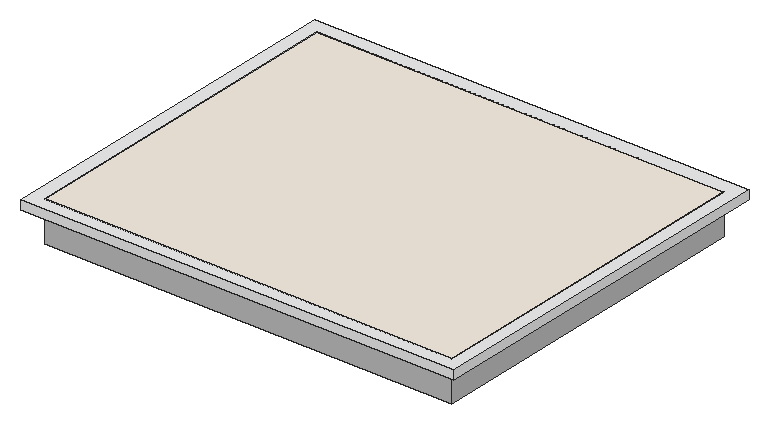
Revit family "Lighting-Industrial-GEWISS-ELIA-HL-LED_HIGHBAY", category Apparecchi per illuminazione, host Superficie, Revit 2019 (continued)
Types (12, lengths in mm): name | Weight (kg): | Weight (kg) | Voltage | Technical sheet | System power | Optic | built-in parameter 1150142 | Lumen output (lm) | Model | IDT | File diagramma fotometrico | Description
     4562.15 4416.81 4273.16 4132.89 3996.85 \r\n3863.34 3734.90 3611.53 3489.85 3367.32 3246.49 3129.03 \r\n3017.49 2910.18 2806.24 2703.15 2602.60 2502.89 2407.40 \r\n2317.84 2231.64 2147.99 2068.56 1990.82 1914.77 1842.10 \r\n1772.81 1704.36 1639.72 1576.35 1515.17 1456.61 1400.42 \r\n1346.85 1295.13 1244.52 1195.84 1149.96 1106.11 1063.26 \r\n1021.86 981.64 943.19 906.94 872.38 838.49 806.13 775.63 \r\n746.73 719.26 692.73 666.62 641.19 616.60 593.36 571.73 \r\n551.45 531.93 513.08 494.92 476.92 458.92 440.84 422.58 \r\n405.09 389.63 375.18 361.49 348.22 335.04 321.78 308.00 \r\n294.40 281.30 269.13 259.08 250.54 244.46 238.71 231.19 \r\n222.74 213.36 203.39 193.00 182.18 171.37 159.84 146.68 \r\n133.15 120.63 107.86 93.63 79.18 65.32 52.15 39.83 28.98 \r\n20.42 13.73 8.89 5.62 3.58 2.89 \r\n12448.54 12447.69 12442.62 12435.86 12424.88 12410.51 \r\n12393.61 12375.87 12354.74 12331.08 12304.04 12273.62 \r\n12241.51 12206.87 12172.22 12135.04 12096.17 12055.61 \r\n12011.67 11966.04 11918.72 11867.18 11814.79 11758.17 \r\n11699.87 11639.87 11576.50 11512.28 11444.68 11374.54 \r\n11304.41 11230.89 11154.84 11076.26 10996.83 10914.86 \r\n10832.06 10747.56 10660.52 10573.48 10483.07 10391.81 \r\n10295.48 10193.23 10085.92 9974.38 9858.61 9737.78 \r\n9611.03 9481.74 9349.08 9212.19 9071.92 8926.58 8774.48 \r\n8611.39 8439.01 8256.49 8068.90 7881.31 7688.65 7492.61 \r\n7293.19 7092.08 6894.35 6706.76 6523.40 6346.80 6173.57 \r\n6003.72 5836.41 5668.26 5501.80 5339.55 5180.69 5020.14 \r\n4863.82 4709.18 4558.77 4413.43 4269.78 4129.51 3991.78 \r\n3859.11 3729.83 3606.46 3484.78 3362.25 3242.26 3126.50 \r\n3015.80 2908.49 2804.55 2702.31 2601.75 2502.89 2407.40 \r\n2318.68 2232.49 2149.68 2070.25 1992.51 1917.30 1845.48 \r\n1774.50 1707.74 1642.76 1579.73 1518.97 1460.50 1404.39 \r\n1350.23 1297.92 1246.80 1197.70 1151.65 1107.54 1064.62 \r\n1022.96 982.65 944.03 907.78 873.14 839.51 807.31 776.72 \r\n747.57 720.11 693.41 667.38 642.03 617.36 593.87 572.06 \r\n551.53 531.59 512.75 494.92 477.51 459.51 441.34 422.92 \r\n405.18 389.63 375.26 361.58 348.31 335.04 321.78 308.09 \r\n294.65 281.47 269.39 258.99 250.29 243.87 237.87 230.52 \r\n222.15 212.86 202.80 192.15 181.08 170.15 158.63 145.50 \r\n132.00 119.42 106.62 92.45 78.12 64.41 51.44 39.39 28.78 \r\n20.33 13.70 8.88 5.60 3.56 2.87 \r\n12448.54 12447.69 12442.62 12435.86 12424.88 12410.51 \r\n12394.46 12375.87 12355.59 12331.93 12305.73 12274.47 \r\n12242.36 12208.56 12173.91 12136.73 12097.02 12056.46 \r\n12013.36 11968.58 11920.41 11868.87 11815.63 11760.71 \r\n11702.41 11642.41 11579.03 11514.81 11447.22 11378.77 \r\n11307.79 11234.27 11159.07 11081.33 11001.06 10919.93 \r\n10837.12 10751.78 10664.74 10576.86 10488.14 10395.19 \r\n10299.70 10198.31 10090.99 9980.29 9864.53 9743.69 \r\n9617.79 9488.50 9355.84 9218.95 9078.68 8934.18 8782.08 \r\n8620.69 8449.15 8267.48 8079.04 7888.92 7696.26 7498.53 \r\n7297.42 7095.47 6896.04 6705.92 6522.55 6345.10 6171.88 \r\n6002.03 5833.88 5665.72 5498.41 5336.17 5175.63 5016.77 \r\n4860.44 4705.80 4554.55 4408.36 4265.56 4124.44 3987.55 \r\n3854.05 3724.76 3600.55 3479.71 3358.03 3238.88 3123.12 \r\n3012.42 2905.95 2802.02 2700.62 2600.06 2502.89 2408.25 \r\n2318.68 2233.34 2151.37 2071.94 1994.20 1919.84 1847.17 \r\n1777.88 1710.28 1645.72 1583.02 1522.61 1464.47 1408.19 \r\n1353.69 1300.62 1249.08 1199.65 1153.26 1108.98 1065.80 \r\n1024.06 983.58 944.88 908.54 873.90 840.44 808.33 777.74 \r\n748.50 720.70 694.08 668.06 642.79 618.03 594.37 572.32 \r\n551.53 531.34 512.32 495.00 478.10 460.10 441.77 423.09 \r\n405.18 389.71 375.35 361.66 348.31 334.96 321.61 308.09 \r\n294.74 281.72 269.64 258.99 249.95 243.19 237.02 229.67 \r\n221.56 212.35 202.29 191.31 180.07 169.03 157.42 144.33 \r\n130.89 118.23 105.37 91.27 77.06 63.50 50.71 38.94 28.60 \r\n20.26 13.68 8.86 5.57 3.54 2.86 \r\n12448.54 12447.69 12442.62 12435.02 12424.88 12410.51 \r\n12394.46 12376.72 12356.43 12332.77 12305.73 12276.16 \r\n12243.20 12209.40 12174.76 12137.58 12098.71 12058.15 \r\n12014.21 11969.42 11922.10 11870.56 11818.17 11762.40 \r\n11704.09 11644.94 11581.57 11517.35 11451.44 11382.15 \r\n11312.01 11238.50 11164.14 11085.56 11005.28 10923.31 \r\n10840.50 10755.16 10668.97 10581.09 10491.52 10399.41 \r\n10304.77 10202.53 10096.06 9985.36 9870.44 9748.76 \r\n9623.70 9494.42 9361.75 9225.71 9085.44 8940.94 8790.53 \r\n8629.14 8459.30 8276.77 8088.34 7897.37 7703.86 7504.44 \r\n7302.49 7098.00 6896.89 6705.07 6520.86 6343.41 6170.19 \r\n6000.34 5830.50 5661.50 5495.03 5332.80 5171.40 5011.69 \r\n4855.37 4701.58 4551.17 4404.98 4262.18 4121.06 3982.48 \r\n3848.97 3719.69 3595.47 3474.64 3353.80 3234.66 3120.59 \r\n3010.73 2904.26 2799.48 2698.09 2599.22 2502.05 2408.25 \r\n2319.52 2234.18 2151.37 2072.78 1995.04 1921.53 1849.70 \r\n1780.41 1712.81 1648.43 1586.23 1526.15 1468.27 1411.91 \r\n1356.90 1303.24 1251.28 1201.34 1154.78 1110.33 1066.90 \r\n1024.98 984.42 945.55 909.22 874.57 841.28 809.26 778.50 \r\n749.18 721.29 694.59 668.65 643.38 618.62 594.71 572.49 \r\n551.45 531.00 511.82 495.00 478.52 460.52 442.10 423.26 \r\n405.26 389.71 375.35 361.66 348.31 334.79 321.44 308.09 \r\n294.90 281.89 269.72 258.99 249.61 242.43 235.92 228.83 \r\n220.88 211.76 201.79 190.63 178.97 167.84 156.22 143.20 \r\n129.83 117.08 104.13 90.09 76.02 62.60 50.01 38.51 28.41 \r\n20.20 13.65 8.85 5.55 3.52 2.84 \r\n12448.54 12446.85 12442.62 12435.02 12424.88 12410.51 \r\n12394.46 12376.72 12356.43 12333.62 12306.58 12277.00 \r\n12244.89 12211.09 12176.45 12138.42 12099.56 12058.15 \r\n12015.06 11971.11 11922.95 11872.25 11819.86 11764.93 \r\n11706.63 11646.63 11584.95 11519.88 11453.97 11385.53 \r\n11315.39 11242.72 11167.52 11089.78 11009.50 10928.38 \r\n10843.88 10759.38 10672.35 10584.47 10494.90 10403.64 \r\n10309.00 10207.60 10101.13 9991.28 9875.51 9754.68 \r\n9628.77 9501.18 9368.51 9231.63 9092.20 8947.70 8797.29 \r\n8637.59 8467.74 8285.22 8096.79 7904.97 7709.78 7509.51 \r\n7306.72 7099.69 6896.89 6705.07 6519.17 6340.88 6167.65 \r\n5996.12 5827.12 5658.12 5490.81 5327.72 5165.48 5007.47 \r\n4850.30 4696.51 4546.94 4400.76 4258.80 4116.84 3978.26 \r\n3843.90 3713.77 3590.40 3469.57 3349.58 3230.43 3117.20 \r\n3008.20 2900.88 2796.10 2695.55 2597.53 2500.35 2408.25 \r\n2319.52 2234.18 2151.37 2072.78 1996.73 1922.37 1851.39 \r\n1782.10 1715.35 1650.88 1589.02 1529.37 1471.65 1415.37 \r\n1359.86 1305.69 1253.22 1203.03 1156.13 1111.34 1067.74 \r\n1025.66 984.93 945.98 909.56 874.91 841.87 810.10 779.26 \r\n749.77 721.71 694.93 669.07 643.97 619.05 595.05 572.49 \r\n551.19 530.49 511.31 494.92 478.86 460.95 442.44 423.43 \r\n405.26 389.63 375.26 361.58 348.14 334.62 321.27 307.92 \r\n294.99 282.06 269.81 258.82 249.11 241.67 235.08 227.81 \r\n220.12 211.25 201.28 189.79 177.96 166.66 155.02 142.10 \r\n128.81 115.98 102.93 88.94 74.99 61.72 49.31 38.09 28.25 \r\n20.13 13.63 8.83 5.53 3.50 2.82 \r\n12448.54 12446.85 12442.62 12435.02 12424.88 12411.36 \r\n12395.31 12377.56 12357.28 12334.47 12307.42 12277.85 \r\n12245.74 12211.94 12176.45 12140.11 12100.40 12058.99 \r\n12016.74 11971.11 11924.64 11873.94 11821.55 11766.62 \r\n11708.32 11649.17 11588.33 11524.11 11457.35 11388.91 \r\n11317.93 11246.10 11170.90 11093.16 11013.73 10931.76 \r\n10848.11 10762.76 10676.57 10587.85 10498.28 10407.86 \r\n10312.38 10211.82 10106.20 9995.50 9879.74 9759.75 \r\n9634.69 9506.25 9373.58 9237.54 9098.11 8953.62 8804.06 \r\n8645.19 8476.19 8294.52 8104.39 7911.73 7715.69 7514.58 \r\n7310.09 7102.22 6896.89 6703.38 6516.64 6339.19 6165.12 \r\n5993.58 5823.74 5653.89 5486.58 5321.81 5160.41 5000.71 \r\n4844.38 4692.28 4541.88 4396.53 4254.57 4112.61 3974.88 \r\n3838.83 3709.55 3586.18 3465.34 3344.51 3227.05 3114.67 \r\n3005.66 2898.35 2792.72 2692.17 2594.15 2498.66 2406.56 \r\n2317.84 2233.34 2151.37 2072.78 1996.73 1924.06 1852.24 \r\n1783.79 1717.04 1652.74 1591.30 1532.07 1474.44 1418.16 \r\n1362.31 1307.64 1254.82 1204.21 1156.97 1112.02 1068.33 \r\n1026.08 985.19 946.23 909.73 875.17 842.30 810.61 779.77 \r\n750.11 721.88 695.01 669.32 644.23 619.30 595.13 572.40 \r\n550.77 529.81 510.63 494.58 479.03 461.20 442.53 423.60 \r\n405.35 389.71 375.18 361.32 347.89 334.37 320.85 307.83 \r\n294.90 282.15 269.89 258.65 248.68 240.91 234.06 226.97 \r\n219.36 210.74 200.86 189.11 176.86 165.50 153.87 141.06 \r\n127.85 114.92 101.77 87.84 74.00 60.87 48.66 37.69 28.09 \r\n20.07 13.60 8.82 5.50 3.48 2.80 \r\n12448.54 12446.85 12442.62 12435.02 12424.88 12411.36 \r\n12395.31 12377.56 12357.28 12335.31 12309.11 12278.69 \r\n12246.58 12212.78 12178.14 12140.11 12101.24 12060.68 \r\n12016.74 11971.96 11924.64 11875.63 11823.24 11767.47 \r\n11710.85 11651.70 11590.02 11526.64 11460.73 11392.29 \r\n11321.31 11249.48 11175.12 11097.38 11017.95 10935.14 \r\n10851.49 10766.14 10679.11 10591.23 10501.66 10410.40 \r\n10316.60 10215.20 10110.42 10000.57 9884.81 9764.82 \r\n9639.76 9510.47 9378.66 9243.45 9104.03 8960.38 8809.97 \r\n8651.95 8483.80 8302.13 8112.00 7918.49 7720.76 7518.81 \r\n7312.63 7103.91 6897.73 6701.69 6514.95 6334.97 6161.74 \r\n5989.36 5818.67 5649.67 5481.52 5316.74 5154.50 4995.64 \r\n4839.31 4686.37 4537.65 4393.15 4249.50 4109.23 3970.65 \r\n3835.45 3704.48 3581.11 3461.96 3341.13 3222.83 3111.29 \r\n3002.28 2894.97 2790.19 2688.79 2591.61 2496.13 2404.02 \r\n2316.14 2231.64 2150.52 2071.94 1995.89 1924.06 1853.09 \r\n1784.64 1717.88 1653.92 1592.91 1534.01 1476.64 1420.36 \r\n1364.08 1309.16 1255.92 1205.05 1157.65 1112.36 1068.50 \r\n1026.17 985.19 946.06 909.56 875.08 842.38 810.86 780.02 \r\n750.28 721.97 694.93 669.24 644.40 619.30 595.05 572.06 \r\n550.18 529.14 509.87 494.32 479.20 461.29 442.53 423.51 \r\n405.35 389.63 375.01 361.07 347.55 333.94 320.51 307.50 \r\n294.82 282.15 269.81 258.40 248.01 240.15 233.05 226.04 \r\n218.60 210.15 200.35 188.35 175.84 164.38 152.75 140.06 \r\n126.97 113.96 100.71 86.81 73.07 60.08 48.04 37.32 27.94 \r\n20.00 13.57 8.80 5.48 3.46 2.79 \r\n12448.54 12446.85 12442.62 12435.02 12424.88 12411.36 \r\n12395.31 12377.56 12358.97 12336.15 12309.96 12279.54 \r\n12247.43 12214.47 12178.98 12141.81 12102.09 12060.68 \r\n12017.59 11973.65 11926.33 11876.47 11824.08 11769.16 \r\n11712.54 11653.39 11592.56 11529.18 11464.11 11395.67 \r\n11324.69 11252.86 11178.50 11100.76 11020.49 10938.52 \r\n10854.87 10769.52 10682.49 10594.61 10504.19 10413.78 \r\n10319.98 10219.43 10114.65 10004.80 9889.03 9769.04 \r\n9643.98 9515.54 9383.72 9247.68 9109.10 8965.45 8815.88 \r\n8658.72 8490.56 8308.88 8118.76 7924.41 7725.83 7522.19 \r\n7316.01 7104.76 6897.73 6700.85 6512.41 6332.43 6158.36 \r\n5985.98 5815.29 5644.60 5476.44 5310.82 5148.58 4989.72 \r\n4833.40 4681.30 4532.58 4388.08 4246.13 4105.01 3967.27 \r\n3831.23 3701.10 3576.88 3457.74 3336.90 3219.45 3108.75 \r\n2999.75 2891.59 2785.12 2684.56 2587.39 2492.75 2401.49 \r\n2314.45 2229.95 2147.99 2070.25 1995.04 1922.37 1853.09 \r\n1783.79 1717.88 1654.43 1593.84 1535.20 1477.90 1421.63 \r\n1365.18 1309.92 1256.51 1205.39 1157.65 1112.27 1068.25 \r\n1025.83 984.76 945.55 909.05 874.66 842.21 810.86 779.85 \r\n750.02 721.55 694.51 668.99 644.06 619.05 594.71 571.47 \r\n549.42 528.29 509.03 493.82 479.03 461.12 442.27 423.43 \r\n405.26 389.38 374.67 360.73 347.13 333.44 319.92 307.16 \r\n294.65 281.98 269.72 257.89 247.42 239.30 232.12 225.11 \r\n217.84 209.48 199.84 187.67 174.83 163.30 151.69 139.13 \r\n126.16 113.07 99.73 85.86 72.21 59.35 47.48 36.98 27.79 \r\n19.94 13.54 8.78 5.46 3.44 2.77 \r\n12448.54 12446.85 12442.62 12435.02 12424.88 12411.36 \r\n12396.15 12378.40 12358.97 12336.15 12309.96 12280.38 \r\n12249.12 12214.47 12179.83 12141.81 12102.93 12061.53 \r\n12018.43 11973.65 11926.33 11878.16 11825.77 11771.69 \r\n11715.08 11656.77 11595.93 11533.41 11467.49 11399.05 \r\n11328.91 11256.24 11181.04 11104.14 11023.02 10941.91 \r\n10857.41 10772.06 10685.87 10597.99 10508.42 10416.31 \r\n10322.52 10222.81 10118.03 10008.18 9894.10 9774.11 \r\n9649.06 9520.61 9387.95 9251.91 9112.48 8969.67 8819.26 \r\n8661.25 8493.94 8312.26 8122.14 7927.79 7728.37 7524.72 \r\n7317.70 7107.29 6897.73 6700.00 6510.72 6329.89 6154.13 \r\n5981.75 5810.22 5638.68 5469.68 5303.22 5140.98 4982.12 \r\n4827.48 4675.38 4527.51 4383.86 4242.74 4102.47 3964.74 \r\n3830.38 3699.41 3575.19 3455.20 3335.21 3216.91 3104.53 \r\n2994.68 2885.67 2780.05 2677.80 2578.94 2483.45 2392.20 \r\n2304.31 2221.50 2140.38 2062.64 1987.44 1915.61 1845.48 \r\n1777.88 1711.97 1648.85 1588.35 1529.79 1472.41 1416.05 \r\n1359.94 1305.10 1252.12 1201.42 1153.85 1108.47 1064.53 \r\n1022.28 981.13 941.84 905.67 871.53 839.25 808.07 777.23 \r\n747.23 718.93 691.97 666.37 641.44 616.60 592.26 568.85 \r\n546.80 526.01 507.17 492.13 477.51 459.51 440.75 422.42 \r\n404.75 388.53 373.41 359.38 345.86 332.17 318.73 306.06 \r\n293.55 280.88 268.54 256.80 246.15 238.46 231.53 224.18 \r\n216.40 208.29 199.00 186.75 173.73 162.24 150.75 138.40 \r\n125.64 112.60 99.26 85.38 71.73 58.96 47.19 36.77 27.64 \r\n19.82 13.45 8.72 5.44 3.43 2.76 \r\n12448.54 12446.85 12442.62 12435.02 12424.88 12411.36 \r\n12396.15 12378.40 12359.81 12337.00 12310.81 12281.23 \r\n12249.12 12215.32 12179.83 12142.65 12102.93 12061.53 \r\n12019.28 11974.49 11927.17 11879.01 11828.31 11773.38 \r\n11716.77 11659.31 11599.31 11535.94 11470.03 11402.43 \r\n11331.45 11258.78 11184.42 11106.68 11026.41 10943.59 \r\n10860.78 10774.59 10688.41 10599.68 10510.95 10419.69 \r\n10324.21 10225.34 10121.41 10013.25 9898.33 9778.34 \r\n9653.28 9524.84 9392.17 9256.13 9116.70 8972.21 8821.80 \r\n8663.78 8495.63 8314.80 8125.52 7930.32 7730.90 7527.26 \r\n7319.39 7107.29 6898.58 6699.16 6508.19 6326.51 6149.91 \r\n5976.68 5805.15 5633.61 5463.77 5296.46 5133.38 4975.36 \r\n4820.72 4669.47 4522.44 4379.63 4239.36 4099.10 3963.05 \r\n3828.69 3698.56 3575.19 3453.51 3333.52 3215.22 3101.15 \r\n2989.61 2880.60 2773.29 2669.35 2568.80 2473.31 2382.05 \r\n2295.86 2212.21 2131.93 2054.19 1979.84 1908.01 1837.87 \r\n1770.27 1706.05 1642.68 1582.26 1523.53 1465.99 1409.63 \r\n1354.03 1299.78 1247.30 1197.03 1149.62 1104.25 1060.47 \r\n1018.31 977.16 937.95 901.95 868.07 835.96 805.03 774.19 \r\n744.36 716.22 689.27 663.49 638.65 613.81 589.56 566.07 \r\n543.93 523.65 505.23 490.44 475.82 457.65 438.98 421.32 \r\n404.16 387.52 371.88 357.86 344.51 330.90 317.47 304.96 \r\n292.54 279.78 267.44 255.53 244.88 237.53 231.02 223.16 \r\n214.97 207.19 198.07 185.82 172.72 161.25 149.88 137.75 \r\n125.20 112.23 98.90 85.00 71.33 58.64 46.97 36.59 27.50 \r\n19.71 13.36 8.67 5.42 3.42 2.75 \r\n12448.54 12446.85 12442.62 12435.02 12424.88 12411.36 \r\n12396.15 12379.25 12359.81 12337.00 12310.81 12281.23 \r\n12249.97 12216.16 12180.67 12142.65 12102.93 12061.53 \r\n12018.43 11974.49 11928.02 11880.70 11830.00 11775.07 \r\n11720.15 11661.84 11601.00 11539.32 11473.41 11404.97 \r\n11333.98 11262.16 11186.95 11108.37 11028.94 10946.13 \r\n10862.47 10777.13 10690.94 10603.06 10513.49 10421.38 \r\n10327.59 10227.88 10124.79 10016.63 9901.71 9782.56 \r\n9658.35 9529.06 9394.71 9259.51 9119.24 8975.59 8824.33 \r\n8665.47 8497.32 8316.49 8128.05 7932.86 7732.59 7528.10 \r\n7321.08 7108.98 6897.73 6698.31 6506.50 6323.98 6146.53 \r\n5971.61 5800.08 5628.55 5457.85 5290.55 5126.61 4967.75 \r\n4814.81 4664.40 4518.22 4375.41 4235.14 4097.40 3961.36 \r\n3827.85 3698.56 3574.35 3452.67 3331.84 3212.69 3098.61 \r\n2985.38 2874.69 2767.37 2661.75 2559.50 2463.17 2371.91 \r\n2285.72 2202.91 2122.64 2044.90 1970.54 1899.56 1830.27 \r\n1762.67 1698.62 1636.09 1575.67 1516.86 1459.15 1402.78 \r\n1347.61 1294.03 1242.15 1192.38 1145.06 1099.77 1056.25 \r\n1014.25 973.02 933.89 898.07 864.52 832.58 801.74 770.98 \r\n741.23 713.18 686.39 660.62 635.61 610.85 586.77 563.19 \r\n541.14 521.20 503.28 488.58 474.04 455.79 437.03 420.05 \r\n403.49 386.59 370.28 356.34 343.15 329.55 316.28 303.69 \r\n291.44 278.68 266.26 254.18 243.70 236.68 230.52 222.32 \r\n213.70 206.01 197.22 184.89 171.70 160.33 149.08 137.19 \r\n124.84 111.95 98.65 84.71 71.02 58.40 46.80 36.45 27.36 \r\n19.60 13.27 8.62 5.40 3.42 2.75 \r\n12448.54 12446.85 12442.62 12435.02 12424.88 12411.36 \r\n12396.15 12380.09 12359.81 12336.15 12311.65 12282.07 \r\n12250.81 12216.16 12180.67 12142.65 12102.93 12061.53 \r\n12019.28 11974.49 11928.86 11880.70 11830.84 11777.61 \r\n11721.84 11664.38 11604.38 11542.70 11477.63 11408.34 \r\n11336.52 11264.69 11188.64 11110.91 11030.63 10947.82 \r\n10864.16 10779.66 10692.63 10604.75 10516.02 10423.92 \r\n10329.28 10230.41 10127.32 10018.32 9905.09 9785.94 \r\n9660.88 9531.60 9398.09 9262.04 9122.62 8977.28 8826.02 \r\n8666.32 8497.32 8317.33 8129.74 7934.55 7734.28 75
